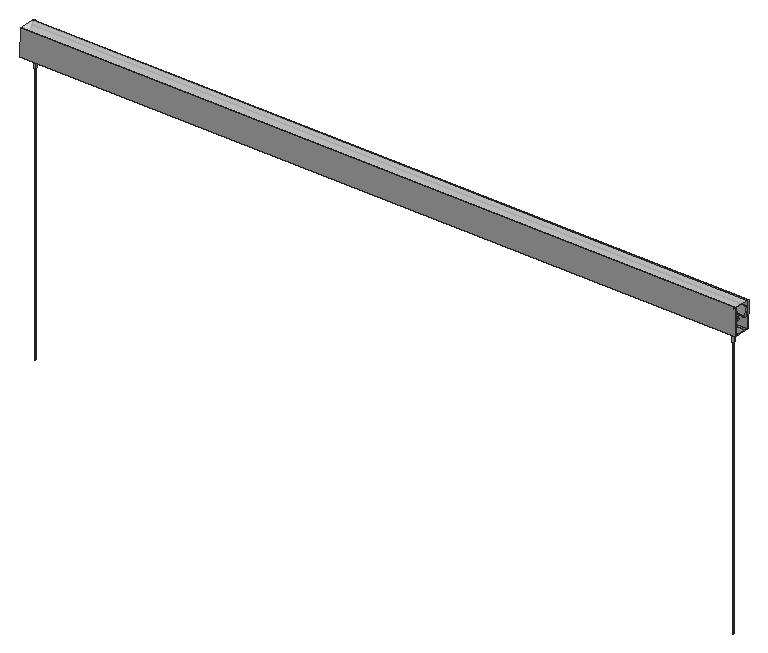
Revit family "2093091 Sylvania Lighting Fixture MC2 D I 2-4M 3K DALI WHT OPAL", category Lighting Fixtures, host Face, Revit 2016
Family settings
  Host = Face
  Part Type = Normal
  Round Connector Dimension = Use Diameter
  OmniClass Number = 23.80.70.11.17
  OmniClass Title = Specialized Lighting by Location or Use
  Cut with Voids When Loaded = No
  Light Source = Yes
  Shared = No
  Room Calculation Point = No
Parameters (values of type "2093091 MC2 D/I 2.4M 3K DALI WHT OPAL")
  Width_SYL = 54.0 mm
  Weight = "6.2 kg"
  Wattage = 64 W
  WarrantyStartDate [instance] = "n/a"
  WarrantyGuarantorParts = "n/a"
  WarrantyDurationUnit = "n/a"
  WarrantyDurationParts = "n/a"
  WarrantyDescription = "n/a"
  built-in parameter 1150110 = 1 (stored number, unit not read)
  Voltage = 0 V
  URL = "http://www.sylvania-lighting.com"
  TypeName = "MC2 D/I 2.4M 3K DALI WHT OPAL"
  built-in parameter 1114217 = 1 (stored number, unit not read)
  Tilt Angle = -90.00°
  built-in parameter 1150109 = 1 (stored number, unit not read)
  built-in parameter 1150134 = (empty or 0)
  built-in parameter 1150113 = 1 (stored number, unit not read)
  SerialNumber [instance] = "n/a"
  PowerFactor = 0.95
  PowerConsumption = "64 W"
  NominalWidth = 0.0 mm
  NominalLength = 2400.0 mm
  NominalHeight = 86.0 mm
  Name = "MC2 D/I 2.4M 3K DALI WHT OPAL"
  ModelReference = "MC2 D/I 2.4M 3K DALI WHT OPAL"
  ModelNumber = "2093091"
  Material_3_SYL = Metal_Sylvania_Mini Contiuum II_Silver
  Photometric Web File = "2093091.ies"
  Material_4_SYL = Metal_Sylvania_Mini Contiuum II_Silver
  MountingHeight_SYL [instance] = 1000.0 mm
  Material = "aluminium housing, polycarbonate diffuser"
  ManufacturerName = "Feilo Sylvania"
  LuminousEfficacy = "120 lm/W"
  LuminaireType = ""
  LightOutputRatio = "100"
  Length_SYL = 2400.0 mm
  LampsType = Lamp  # "LED"
  LampNominalLuminous = "7666 lm"
  LampMacAdamStep = "3"
  LampColourTemperature = "3000 K"
  LampColourRenderingIndex = "80"
  Keynote = "16500"
  InstallationDate [instance] = "n/a"
  InputVoltage = "n/a"
  InputNominalFrequency = "n/a"
  IngressProtection = "IP20"
  ImpactProtectionIndex = "n/a"
  IfcExportType = "IfcLightFixtureType"
  IfcExportAs = "IfcLightFixtureType"
  Height_SYL = 86.0 mm
  ExpectedLife = 50000
  EndCapRight_SYL [instance] = no
  EndCapLeft_SYL [instance] = no
  Emit from Rectangle Width = Width_SYL - 2.0 mm  # 52.0 mm
  Emit from Rectangle Length = Length_SYL  # 2400.0 mm
  Emit Shape Visible in Rendering = no
  ElectricShockClassification = "Class I"
  DurationUnit = "hours"
  DocumentationLiterature = "http://www.sylvania-lighting.com/product/en-int/products/2093091"
  DimmingControlOptions = "n/a"
  CreatedOn = "10/15/2018"
  CreatedBy = "@sylvania-lighting.com"
  built-in parameter 1114216 [instance] = 1 (stored number, unit not read)
  Model = "MC2 D/I 2.4M 3K DALI WHT OPAL"
  Manufacturer = "Feilo Sylvania"
  built-in parameter 1150105 = 611.15 (stored number, unit not read)
  Lumens = 7680 lm
  built-in parameter 1150115 = 1 (stored number, unit not read)
  built-in parameter 1150137 = (empty or 0)
  built-in parameter 1150139 = (empty or 0)
  built-in parameter 1150112 = 1 (stored number, unit not read)
  built-in parameter 1150114 = 1 (stored number, unit not read)
  Lamp = "LED"
  built-in parameter 1150132 = 2
  built-in parameter 1150102 = (empty or 0)
  built-in parameter 1150107 = 3000 (stored number, unit not read)
  built-in parameter 1150138 = (empty or 0)
  built-in parameter 1150106 = 6.1115 (stored number, unit not read)
  Material_1_SYL = Metal_Sylvania_Mini Continuum II_White
  built-in parameter 1150104 = 11.148 (stored number, unit not read)
  Dimming Lamp Color Temperature Shift = <None>
  Material_2_SYL = Polycarbonate_Sylvania_Mini Continuum II_Opal_4000K
  Description = "2093091   MC2 D/I 2.4M 3K DALI WHT OPAL  Continuous lines of LED light, white RAL 9016, direct/indirect distribution (65/35), various accessories available, compact and minimalist design based on the Golden Mean, ideal for offices, meeting rooms, corridors, education facilities, museums and libraries, extruded aluminium body, diffuser: opal, colour temperature: 3000K warm white, total system power: 64W, total fixture output: 7666lm, luminaire efficacy: 120lm/W, LOR: 100%, colour rendering: Ra >80, LED Chromacity: 1 step MacAdam ellipse, lifetime: 60,000 hours at 90% of the original output (L90), energy class: A++, A+, A, IR/UV free light source without heat radiation, operating voltage: 220-240V / 50-60Hz, drive current: (Direct) 800mA + (Indirect) 350mA, electronic driver, DALI dimmable, direct/indirect independently addressable, electrical protection: CLASS I, IP20, suitable for internal environment only."
  Default Elevation = 0.0 mm
  Color Filter = 16777215
  built-in parameter 1140040 [instance] = 1
  BarCode [instance] = "n/a"
  built-in parameter 1114218 = 1 (stored number, unit not read)
  built-in parameter 1150133 = 10 (stored number, unit not read)
  AssetType = "Fixed"
  AssetIdentifier [instance] = "n/a"
  Assembly Code = "D5020200"
  Apparent Load = 64 VA
Reference planes
  plane 1 "Center (Front/Back)": y = 0
  plane 2 "Bottom Fixtures": z = 0
  plane 3 "Center (Left/Right)": x = 0
  plane 4 "Fixture Left": x = -1200
  plane 5 "Fixture Right": x = 1200
  plane 6 "Fixture Bottom": z = 1000
  plane 7: z = 998
  plane 8: z = 996
  plane 9: z = 986.951
  plane 10: z = 956.951
  plane 11 "Fixture Top": z = 914
  plane 12 "Mounting Right": x = 1172
  plane 13 "Mounting Left": x = -1172
  plane 14: z = 879
  plane 15: y = 27
  plane 16: y = -27
  plane 17: y = -26
  plane 18: y = -25
  plane 19: y = 26
  plane 20: y = 25
  plane 21: y = 11
  plane 22: y = -11
  plane 23: y = 24
  plane 24: y = 22
  plane 25: y = -22
  plane 26: y = 15
  plane 27: y = -15
  plane 28 "Upper Diffuser Left": x = -1050
  plane 29 "Upper Diffuser Right": x = 1050
  plane 30: x = -1202
  plane 31: x = 1202
Forms (mm)
  Extrusion 1, solid, material "Metal_Sylvania_Mini Continuum II_White" <- "Material_1_SYL", detail levels fine
    sketch origin (0, 0, 520) x (0, 1, 0) y (0, 0, 1)
      loop
        line (27, 480) -> (26, 480) -> (26, 478) -> (25, 478) -> (25, 396) -> (13, 396) -> (13, 398) -> (-13, 398) -> (-13, 396) -> (-25, 396) -> (-25, 478) -> (-26, 478) -> (-26, 480) -> (-27, 480) -> (-27, 394) -> (-11, 394) -> (-11, 396) -> (11, 396) -> (11, 394) -> (27, 394) -> (27, 480)
    from -1200 to 1200
  Extrusion 2, solid, material "Polycarbonate_Sylvania_Mini Continuum II_Opal_4000K" <- "Material_2_SYL", detail levels fine
    sketch origin (0, 0, 520) x (0, 1, 0) y (0, 0, 1)
      loop
        line (-26, 480) -> (-26, 478) -> (26, 478) -> (26, 480) -> (-26, 480)
    from -1200 to 1200
  Extrusion 3, solid, material "Metal_Sylvania_Mini Contiuum II_Silver" <- "Material_3_SYL", detail levels fine
    sketch origin (0, 0, 520) x (0, 1, 0) y (0, 0, 1)
      loop
        line (22, 466.951) -> (20.973, 466.951) -> (14.206, 437.951) -> (11, 437.951) -> (11, 436.951) -> (15, 436.951) -> (22, 466.951)
      loop
        line (-15, 436.951) -> (-11, 436.951) -> (-11, 437.951) -> (-14.206, 437.951) -> (-20.973, 466.951) -> (-22, 466.951) -> (-15, 436.951)
    from -1200 to 1200
  Extrusion 4, solid, material "Metal_Sylvania_Mini Continuum II_White" <- "Material_1_SYL", detail levels coarse+medium
    sketch origin (0, 0, 520) x (0, 1, 0) y (0, 0, 1)
      loop
        line (-27, 480) -> (-27, 394) -> (27, 394) -> (27, 480) -> (-27, 480)
    from -1200 to 1200
  Extrusion 5, solid, material "Metal_Sylvania_Mini Contiuum II_Silver" <- "Material_4_SYL", detail levels fine
    sketch origin (0, 0, -86) x (-1, 0, 0) y (0, -1, 0)
      loop
        circle (1172, 0) r 4
      loop
        circle (-1172, 0) r 4
    from 965 to 1002
  Extrusion 6, solid, material "Metal_Sylvania_Mini Contiuum II_Silver" <- "Material_4_SYL", detail levels fine
    sketch origin (0, 0, -86) x (-1, 0, 0) y (0, -1, 0)
      loop
        circle (-1172, 0) r 1
      loop
        circle (1172, 0) r 1
    from 86 to 965
  Extrusion 7, solid, material "Polycarbonate_Sylvania_Mini Continuum II_Opal_4000K" <- "Material_2_SYL", detail levels fine
    sketch origin (0, 0, 0) x (0, 1, 0) y (0, 0, 1)
      loop
        arc (11, 916) -> (5.59, 914.504) -> (0, 914) r 31.25
        arc (0, 914) -> (-5.59, 914.504) -> (-11, 916) r 31.25
        line (-11, 916) -> (-11, 914.934)
        arc (-11, 914.934) -> (-5.584, 913.487) -> (0, 913) r 32.25
        arc (0, 913) -> (5.584, 913.487) -> (11, 914.934) r 32.25
        line (11, 914.934) -> (11, 916)
    from -1050 to 1050
  Extrusion 8, void
    sketch origin (0, 0, 0) x (0, 1, 0) y (0, 0, 1)
      loop
        line (11, 918) -> (-11, 918) -> (-11, 916) -> (11, 916) -> (11, 918)
    from -1050 to 1050
  Extrusion 9, solid, material "Metal_Sylvania_Mini Continuum II_White" <- "Material_1_SYL", visible <- "EndCapLeft_SYL"
    sketch origin (-1200, 171.684, 1219.2) x (0, 1, 0) y (0, 0, 1)
      loop
        line (-198.684, -305.2) -> (-144.684, -305.2) -> (-144.684, -219.2) -> (-198.684, -219.2) -> (-198.684, -305.2)
    from 0 to -2
  Extrusion 10, solid, material "Metal_Sylvania_Mini Continuum II_White" <- "Material_1_SYL", visible <- "EndCapRight_SYL"
    sketch origin (1200, 171.684, 1219.2) x (0, 1, 0) y (0, 0, -1)
      loop
        line (-144.684, 219.2) -> (-144.684, 305.2) -> (-198.684, 305.2) -> (-198.684, 219.2) -> (-144.684, 219.2)
    from 0 to -2
Cuts and joins
  Extrusion 8 cuts Extrusion 1
Lines and regions (mm)
  Masking region 1
    outline origin (0, 0, -86) x (-1, 0, 0) y (0, -1, 0)
      loop
        line (1200, -27) -> (1200, 27) -> (-1200, 27) -> (-1200, -27) -> (1200, -27)
  symbolic lines, detail levels fine
    curve 1: line (-1200, 26, -86) -> (1200, 26, -86)
    curve 2: line (-1200, -26, -86) -> (1200, -26, -86)
  model lines, detail levels coarse+medium
    curve 3: line (-1172, 0, 914) -> (-1172, 0, 0)
    curve 4: line (1172, 0, 914) -> (1172, 0, 0)
Dimensions and locks
  host sketch curve to plane 3 "Center (Left/Right)" to host sketch curve = 820.0 mm, 775.047 mm
  equal spacing: plane 4 "Fixture Left", plane 3 "Center (Left/Right)", plane 5 "Fixture Right"
  "Length_SYL": plane 4 "Fixture Left" to plane 5 "Fixture Right"
  plane 6 "Fixture Bottom" to plane 7 to plane 8 to plane 9 to plane 10 = 2.0 mm locked, 2.0 mm locked, 9.049 mm locked, 30.0 mm locked
  locked: Extrusion 1 sketch curve to Extrusion 1 sketch curve at 2
  locked: Extrusion 1 sketch curve to plane 11 "Fixture Top" at 2
  "Height_SYL": plane 6 "Fixture Bottom" to plane 11 "Fixture Top"
  locked: plane 12 "Mounting Right" to plane 5 "Fixture Right" at 28
  locked: plane 4 "Fixture Left" to plane 13 "Mounting Left" at 28
  locked: plane 11 "Fixture Top" to plane 14 at 35
  "MountingHeight_SYL": plane 6 "Fixture Bottom" to plane 2 "Bottom Fixtures"
  equal spacing: plane 15, plane 1 "Center (Front/Back)", plane 16
  "Width_SYL": plane 15 to plane 16
  plane 22 to plane 27 to plane 25 to plane 18 to plane 17 to plane 16 = 4.0 mm locked, 7.0 mm locked, 3.0 mm locked, 1.0 mm locked, 1.0 mm locked
  plane 15 to plane 19 to plane 20 to plane 23 to plane 24 to plane 26 to plane 21 = 1.0 mm locked, 1.0 mm locked, 1.0 mm locked, 2.0 mm locked, 7.0 mm locked, 4.0 mm locked
  locked: plane 4 "Fixture Left" to plane 28 "Upper Diffuser Left" at 150
  locked: plane 29 "Upper Diffuser Right" to plane 5 "Fixture Right" at 150
  equal spacing: plane 30, plane 3 "Center (Left/Right)", plane 31
  locked: plane 30 to plane 4 "Fixture Left" at 2
  aligned and locked: plane 2 "Bottom Fixtures" to host face
  aligned and locked: level to host face
  aligned and locked: plane 5 "Fixture Right" to curve 1
  aligned and locked: plane 4 "Fixture Left" to curve 1
  aligned and locked: plane 4 "Fixture Left" to curve 2
  aligned and locked: plane 5 "Fixture Right" to curve 2
  aligned and locked: Extrusion 1 sketch curve to plane 7
  aligned and locked: plane 6 "Fixture Bottom" to Extrusion 1 sketch curve  (x2)
  aligned and locked: plane 7 to Extrusion 1 sketch curve
  aligned and locked: Extrusion 1 to Extrusion 2 sketch curve
  aligned and locked: Extrusion 2 sketch curve to Extrusion 1  (x3)
  aligned and locked: Extrusion 3 sketch curve to plane 10
  aligned and locked: plane 9 to Extrusion 3 sketch curve
  aligned and locked: Extrusion 3 sketch curve to plane 9
  aligned and locked: Extrusion 4 sketch curve to plane 6 "Fixture Bottom"
  aligned and locked: Extrusion 4 to plane 4 "Fixture Left"
  aligned and locked: Extrusion 2 to plane 4 "Fixture Left"
  aligned and locked: Extrusion 3 to plane 4 "Fixture Left"
  aligned and locked: Extrusion 1 to plane 4 "Fixture Left"
  aligned and locked: Extrusion 4 to plane 5 "Fixture Right"
  aligned and locked: Extrusion 2 to plane 5 "Fixture Right"
  aligned and locked: Extrusion 3 to plane 5 "Fixture Right"
  aligned and locked: Extrusion 1 to plane 5 "Fixture Right"
  aligned and locked: plane 11 "Fixture Top" to Extrusion 4 sketch curve
  aligned and locked: Extrusion 1 sketch curve to plane 11 "Fixture Top"  (x2)
  aligned and locked: Extrusion 1 sketch curve to Extrusion 1 sketch curve
  aligned and locked: plane 6 "Fixture Bottom" to imposter light
  aligned and locked: plane 11 "Fixture Top" to curve 3
  aligned and locked: plane 2 "Bottom Fixtures" to curve 3
  aligned and locked: plane 11 "Fixture Top" to curve 4
  aligned and locked: plane 2 "Bottom Fixtures" to curve 4
  aligned and locked: curve 4 to plane 12 "Mounting Right"
  aligned and locked: curve 3 to plane 13 "Mounting Left"
  aligned and locked: Extrusion 5 to Extrusion 1
  aligned and locked: Extrusion 5 to plane 14
  aligned and locked: plane 14 to Extrusion 6
  aligned and locked: Extrusion 6 to level
  aligned and locked: plane 11 "Fixture Top" to Extrusion 7 sketch curve
  aligned and locked: Extrusion 7 to plane 28 "Upper Diffuser Left"
  aligned and locked: Extrusion 7 to plane 29 "Upper Diffuser Right"
  aligned and locked: plane 21 to Extrusion 3 sketch curve
  aligned and locked: Extrusion 3 sketch curve to plane 22
  aligned and locked: Extrusion 8 sketch curve to plane 21
  aligned and locked: Extrusion 8 sketch curve to plane 22
  aligned and locked: Extrusion 8 sketch curve to Extrusion 1  (x2)
  aligned and locked: Extrusion 8 to Extrusion 7  (x2)
  aligned and locked: plane 21 to Extrusion 7 sketch curve
  aligned and locked: plane 1 "Center (Front/Back)" to Extrusion 7 sketch curve
  aligned and locked: plane 22 to Extrusion 7 sketch curve
  aligned and locked: Extrusion 9 sketch curve to Extrusion 4  (x4)
  aligned and locked: Extrusion 9 to plane 30
  aligned and locked: plane 4 "Fixture Left" to Extrusion 9
  aligned and locked: Extrusion 10 sketch curve to Extrusion 4  (x4)
  aligned and locked: plane 31 to Extrusion 10
  aligned and locked: plane 5 "Fixture Right" to Extrusion 10
Automatic sketch dimensions
  host sketch curve to host sketch curve = 1047.463 mm
  plane 19 to curve 1 = 0.0 mm
  curve 2 to plane 17 = 0.0 mm
  Masking region 1 sketch curve to plane 5 "Fixture Right" = 0.0 mm
  Masking region 1 sketch curve to plane 4 "Fixture Left" = 0.0 mm
  plane 15 to Masking region 1 sketch curve = 0.0 mm
  Masking region 1 sketch curve to plane 16 = 0.0 mm
  Extrusion 1 sketch curve to plane 16 = 0.0 mm
  Extrusion 1 sketch curve to plane 17 = 0.0 mm
  Extrusion 1 sketch curve to plane 18 = 0.0 mm
  Extrusion 1 sketch curve to plane 22 = 0.0 mm
  Extrusion 1 sketch curve to plane 21 = 0.0 mm
  Extrusion 1 sketch curve to plane 20 = 0.0 mm
  Extrusion 1 sketch curve to plane 19 = 0.0 mm
  Extrusion 1 sketch curve to plane 15 = 0.0 mm
  plane 11 "Fixture Top" to Extrusion 1 sketch curve = 2.0 mm
  Extrusion 1 sketch curve to plane 22 = 2.0 mm
  Extrusion 1 sketch curve to plane 21 = 2.0 mm
  Extrusion 3 sketch curve to plane 25 = 0.0 mm
  Extrusion 3 sketch curve to plane 27 = 0.0 mm
  Extrusion 3 sketch curve to plane 26 = 0.0 mm
  Extrusion 3 sketch curve to plane 24 = 0.0 mm
  plane 10 to Extrusion 3 sketch curve = 1.0 mm
  Extrusion 3 sketch curve to Extrusion 3 sketch curve = 1.027 mm
  plane 27 to Extrusion 3 sketch curve = 0.794 mm
  plane 26 to Extrusion 3 sketch curve = 0.794 mm
  plane 24 to Extrusion 3 sketch curve = 1.027 mm
  Extrusion 4 sketch curve to plane 16 = 0.0 mm
  Extrusion 4 sketch curve to plane 15 = 0.0 mm
  plane 1 "Center (Front/Back)" to Extrusion 5 sketch curve = 0.0 mm  (x2)
  Extrusion 5 sketch curve to plane 12 "Mounting Right" = 0.0 mm
  Extrusion 5 sketch curve to plane 13 "Mounting Left" = 0.0 mm
  plane 1 "Center (Front/Back)" to Extrusion 6 sketch curve = 0.0 mm  (x2)
  Extrusion 6 sketch curve to plane 12 "Mounting Right" = 0.0 mm
  Extrusion 6 sketch curve to plane 13 "Mounting Left" = 0.0 mm
  Extrusion 7 sketch curve to Extrusion 7 sketch curve = 0.0 mm  (x4)
  plane 11 "Fixture Top" to Extrusion 7 sketch curve = 0.934 mm
  Extrusion 3 sketch curve to Extrusion 3 sketch curve = 0.0 mm
  Extrusion 3 sketch curve to plane 10 = 0.0 mm
  plane 11 "Fixture Top" to Extrusion 7 sketch curve = 2.0 mm
  radius of Extrusion 5 sketch curve = 4.0 mm  (x2)
  radius of Extrusion 6 sketch curve = 1.0 mm  (x2)
Connectors
  electrical at (1200, 0, 949), driven by "Apparent Load"
    settings: on Extrusion 1, index 1, voltage 230 V, apparent load 0 VA, apparent load phase1 64 VA, apparent load phase2 0 VA, apparent load phase3 0 VA, power factor 1, load classification "Lighting", number of poles 1, system type 31, power factor state 1, is connector primary yes, connector utility no, sub classification motor no, connector description ""
